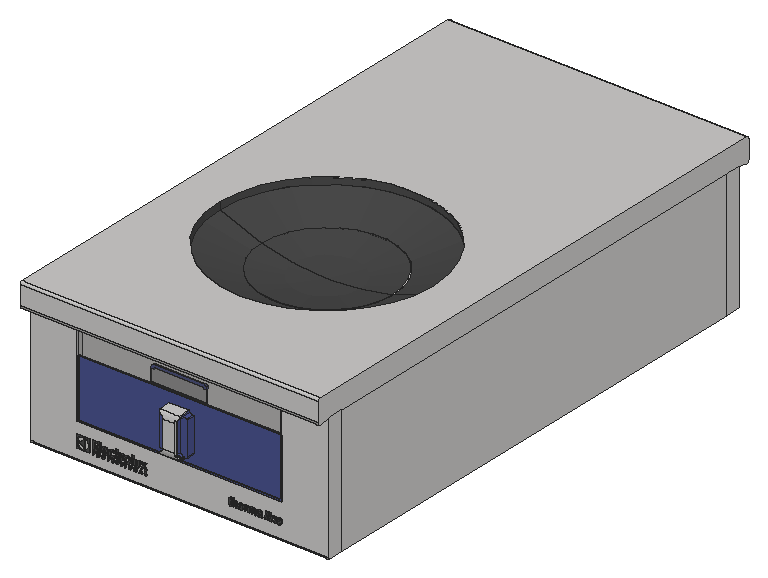
Revit family "QF_ELECTROLUXPROFESSIONAL_589034_MCIHAAEOAO", category Specialty Equipment, Revit 2023
Family settings
  Round Connector Dimension = Use Diameter
  Part Type = Normal
  Work Plane-Based = No
  Enable Cutting in Views = No
  Always vertical = Yes
  Cut with Voids When Loaded = Yes
  Maintain Annotation Orientation = No
  Shared = No
  Room Calculation Point = No
Parameters
  Weight in Pounds = 39.7
  Watts = 5000 VA  # 5000 W
  Volts = 400 V  # constant formula
  URL Cutsheet = ""
  Type Mark [instance] = ""
  Top Visibility [instance] = yes
  ThermaLine_Logo_Visible [instance] = yes
  Status [instance] = ""
  Specification by User [instance] = ""
  Specification by Manufacturer = ""
  Serial Number = ""
  Seismic Rating = ""
  SMACNA No = ""
  Revision Code [instance] = ""
  Phase = 3  # constant formula
  Omniclass Number and Title = ""
  Number of Poles [instance] = 1
  NAFEM Spec ID Number = ""
  Model = "589034"
  Min Ckt Ampacity = 0 A
  Max Overcurrent Protection = 0 A
  Masterspec = ""
  Manufacturer = "ELECTROLUX"
  Item Number [instance] = ""
  Installed By [instance] = ""
  Identify Quantity as Lot [instance] = yes
  HP = "6.7 HP"
  Furnished By [instance] = ""
  Foodservice Equipment Identifier [instance] = yes
  FL Amps [instance] = if(Phase = 3, Watts / (Volts * 1.73), Watts / Volts)  # 7.22543 A
  Electrolux_Logo_Visible [instance] = yes
  Electrical Remarks = "400 V/3N ph/50/60 Hz"  # constant formula
  Electric Connection Type [instance] = ""
  Elec Conn RI Height [instance] = 0 mm
  Elec Conn Connection Height [instance] = 0 mm
  Direct Waste Size = 0"
  Description = "INDUCTION WOK,1 ZONE,1-SIDE,500X900X250H"
  Default Elevation = 0 mm
  Cycle [instance] = if([60 Hertz Option], 60 Hz, 50 Hz)  # 60 Hz
  Conn Plug = ""
  Conn Conduit = yes
  CSI MasterFormat = ""
  CSI Master Format = ""
  Apparent Power [instance] = if(Phase = 3, Volts * FL Amps * 1.73, Volts * FL Amps)  # 5000 VA
  60 Hertz Option [instance] = not([50 Hertz Option])  # yes
  50 Hertz Option [instance] = no
Reference planes
  plane 1 "BACK": y = 0
  plane 2: z = 0
  plane 3 "LEFT": x = 0
  plane 4 "RIGHT": x = 500
  plane 5 "FRONT": y = -900
  plane 6 "TOP": z = 250
  plane 7: x = 250
  plane 8: y = -569.65
  plane 9: z = 582.185
  plane 10: x = 455
Forms (mm)
  Extrusion 1, solid, material "QF_Finishes_Stainless Steel", visible <- "Top Visibility"
    sketch origin (0, -487.128, 0) x (0, 1, 0) y (0, 0, 1)
      loop
        line (483.128, 250) -> (-408.872, 250)
        arc (-408.872, 250) -> (-411.7, 248.828) -> (-412.872, 246) r 4
        line (-412.872, 246) -> (-412.872, 214)
        arc (-412.872, 214) -> (-411.443, 210.936) -> (-408.177, 210.061) r 4
        line (-408.177, 210.061) -> (-391.509, 213) -> (465.765, 213) -> (482.433, 210.061)
        arc (482.433, 210.061) -> (485.699, 210.936) -> (487.128, 214) r 4
        line (487.128, 214) -> (487.128, 246)
        arc (487.128, 246) -> (485.956, 248.828) -> (483.128, 250) r 4
    from 0 to 500
  Extrusion 2, solid, material "QF_Finishes_Stainless Steel"
    sketch origin (0, 0, 0) x (0, 1, 0) y (0, 0, 1)
      loop
        line (-46, 0) -> (-20, 0) -> (-20, 213) -> (-46, 213) -> (-46, 0)
    from 0 to 500
  Extrusion 3, solid, material "QF_Finishes_Stainless Steel"
    sketch origin (0, -854, 0) x (1, 0, 0) y (0, -1, 0)
      loop
        circle (455, -169) r 6.35
    from 0 to 3.2
  Revolve 4, void
    sketch origin (-176.365, -569.65, 1219.2) x (-1, 0, 0) y (0, 0, 1)
      loop
        line (-426.365, -969.2) -> (-426.365, -1021.018)
        arc (-426.365, -1021.018) -> (-334.117, -1010.707) -> (-246.365, -980.45) r 421.407
        line (-246.365, -980.45) -> (-246.365, -969.2) -> (-426.365, -969.2)
      axis (-426.365, -969.2) -> (-426.365, -1021.018)
    angle from 0 to 360
  Extrusion 5, solid, material "QF_Finishes_Stainless Steel"
    sketch origin (0, -487.128, 0) x (0, 1, 0) y (0, 0, 1)
      loop
        line (-366.872, 213) -> (-366.872, 0) -> (441.128, 0) -> (441.128, 213) -> (-366.872, 213)
    from 0 to 500
  Revolve 6, void
    sketch origin (-176.365, -569.65, 1219.2) x (-1, 0, 0) y (0, 0, 1)
      loop
        line (-426.365, -969.2) -> (-426.365, -1021.018)
        arc (-426.365, -1021.018) -> (-334.117, -1010.707) -> (-246.365, -980.45) r 421.407
        line (-246.365, -980.45) -> (-246.365, -969.2) -> (-426.365, -969.2)
      axis (-426.365, -969.2) -> (-426.365, -1021.018)
    angle from 0 to 360
Cuts and joins
  Revolve 4, Revolve 6 cuts Extrusion 1
  Revolve 4, Revolve 6 cuts Extrusion 5
Lines and regions (mm)
  symbolic lines
    curve 1: line (0, 0, 0) -> (500, 0, 0)
    curve 2: line (0, -900, 0) -> (0, 0, 0)
    curve 3: line (500, -900, 0) -> (0, -900, 0)
    curve 4: line (500, 0, 0) -> (500, -900, 0)
    curve 5: arc (70, -569.65, 0) -> (250, -389.65, 0) -> (430, -569.65, 0) r 180
    curve 6: arc (430, -569.65, 0) -> (250, -749.65, 0) -> (70, -569.65, 0) r 180
Dimensions and locks
  plane 3 "LEFT" to plane 4 "RIGHT" = 500 mm
  plane 5 "FRONT" to plane 1 "BACK" = 900 mm
  equal spacing: plane 3 "LEFT", plane 7, plane 4 "RIGHT"
  plane 5 "FRONT" to plane 8 to plane 1 "BACK" = 330.35 mm, 569.65 mm
  plane 6 "TOP" to level = 250 mm  (x2)
  plane 1 "BACK" to plane 5 "FRONT" = 900 mm
  Extrusion 3 sketch curve to plane 1 "BACK" = 685 mm
  Extrusion 3 sketch curve to plane 4 "RIGHT" = 45 mm
  plane 1 "BACK" to Extrusion 3 = 685 mm
  plane 10 to plane 4 "RIGHT" = 45 mm
  aligned and locked: level to plane 2
  aligned and locked: Extrusion 2 to plane 4 "RIGHT"
  aligned and locked: plane 7 to nested 1
Automatic sketch dimensions
  Extrusion 1 sketch curve to plane 5 "FRONT" = 0 mm
  Extrusion 1 sketch curve to plane 6 "TOP" = 0 mm
  Extrusion 1 sketch curve to plane 1 "BACK" = 0 mm
  Extrusion 1 sketch curve to plane 6 "TOP" = 37 mm
  Extrusion 1 sketch curve to plane 5 "FRONT" = 4 mm
  Extrusion 1 sketch curve to plane 5 "FRONT" = 21.363 mm
  plane 1 "BACK" to Extrusion 1 sketch curve = 4 mm  (x2)
  Extrusion 1 sketch curve to Extrusion 1 sketch curve = 4 mm
  Extrusion 1 sketch curve to Extrusion 1 sketch curve = 0.695 mm
  Extrusion 1 sketch curve to Extrusion 1 sketch curve = 0 mm  (x4)
  plane 1 "BACK" to Extrusion 1 sketch curve = 4.695 mm
  Extrusion 1 sketch curve to Extrusion 1 sketch curve = 1 mm  (x2)
  Extrusion 2 sketch curve to level = 0 mm
  Extrusion 2 sketch curve to Extrusion 2 sketch curve = 26 mm
  Revolve 4 sketch curve to plane 7 = 0 mm  (x2)
  Revolve 4 sketch curve to plane 6 "TOP" = 0 mm
  Revolve 4 sketch curve to plane 6 "TOP" = 51.818 mm
  plane 3 "LEFT" to Revolve 4 sketch curve = 70 mm
  plane 7 to Revolve 4 sketch curve = 0.405 mm
  Revolve 4 sketch curve to Revolve 4 sketch curve = 11.25 mm
  Revolve 4 sketch curve to level = 215 mm
  plane 6 "TOP" to Revolve 4 sketch curve = 110 mm
  plane 1 "BACK" to curve 1 = 0 mm
  curve 1 to plane 4 "RIGHT" = 0 mm
  curve 2 to plane 3 "LEFT" = 0 mm
  plane 5 "FRONT" to curve 3 = 0 mm
  curve 5 to plane 8 = 0 mm
  curve 6 to plane 7 = 0 mm
  plane 10 to curve 5 = 25 mm
  plane 1 "BACK" to Extrusion 2 sketch curve = 20 mm
  Extrusion 2 sketch curve to plane 6 "TOP" = 37 mm
  Extrusion 5 sketch curve to level = 0 mm
  Extrusion 5 sketch curve to plane 5 "FRONT" = 46 mm
  plane 1 "BACK" to Extrusion 5 sketch curve = 46 mm
  Extrusion 5 sketch curve to plane 6 "TOP" = 37 mm
  Extrusion 1 sketch curve to Extrusion 1 sketch curve = 16.668 mm
  Revolve 6 sketch curve to plane 6 "TOP" = 0 mm
  Revolve 6 sketch curve to plane 7 = 0 mm  (x2)
  plane 7 to Revolve 6 sketch curve = 0.405 mm
  plane 3 "LEFT" to Revolve 6 sketch curve = 70 mm
  Revolve 6 sketch curve to Revolve 6 sketch curve = 11.25 mm
  Revolve 6 sketch curve to Revolve 6 sketch curve = 51.818 mm
  Revolve 6 sketch curve to level = 215 mm
  plane 6 "TOP" to Revolve 6 sketch curve = 110 mm
  radius of Extrusion 3 sketch curve = 6.35 mm
Nested families
  nested 1: "IW_900_500 Panel Single Centered" at (250, -854, -651.71), type "IW_900_500 Panel Single Centered"
  nested 2: "ELX_Professional_Logo_Small" at (137.486, -879, 30) x (1, 0, 0) z (0, -1, 0), visible <- "Electrolux_Logo_Visible", type "ELX_Professional_Logo_Small"
    with Show Logo yes, Material_Logo QF_Finishes_Black
  nested 3: "ELX_ThermaLine_Small" at (373.407, -879, 30) x (1, 0, 0) z (0, -1, 0), visible <- "ThermaLine_Logo_Visible", type "ELX_ThermaLine_Small"
    with Show Logo yes, Material_Logo QF_Finishes_Black
Connectors
  electrical at (455, -685, -3.2), driven by "Volts", driven by "Watts"
    settings: on Extrusion 3, index 1, voltage 400 V, apparent load 5000 VA, apparent load phase1 0 VA, apparent load phase2 0 VA, apparent load phase3 0 VA, power factor 1, load classification "Other", number of poles 1, system type 30, power factor state 1, is connector primary yes, connector utility no, sub classification motor no, connector description "ELECTRICAL CONNECTION"
Definition of nested family "IW_900_500 Panel Single Centered"
  Parameters (values of type "IW_900_500 Panel Single Centered")
    Default Elevation = 0 mm
  Reference planes
    plane 1 "Center (Front/Back)": y = 0
    plane 2: z = 0
    plane 3 "Center (Left/Right)": x = 0
  Forms (mm)
    Extrusion 1, solid
      sketch origin (833.217, 829.203, -1.25) x (0, 1, 0) y (0, 0, 1)
        loop
          arc (-854.203, 655.96) -> (-853.324, 653.839) -> (-851.203, 652.96) r 3
          line (-851.203, 652.96) -> (-829.203, 652.96) -> (-829.203, 865.96) -> (-854.203, 865.96) -> (-854.203, 655.96)
      from -1083.217 to -583.217
    Extrusion 2, void
      sketch origin (33.217, 829.203, 0.636) x (1, 0, 0) y (0, 0, 1)
        loop
          line (-205.217, 852.364) -> (-205.217, 710.364) -> (138.783, 710.364) -> (138.783, 852.364) -> (-205.217, 852.364)
      from 843.409 to 854.203
  Cuts and joins
    Extrusion 2 cuts Extrusion 1
  Lines and regions (mm)
    symbolic lines
      curve 1: line (16.108, -48.326, 0) -> (16.108, -46, 0)
      curve 2: spline (10.439, -49.73, 0) -> (10.918, -49.657, 0) -> (11.396, -49.575, 0) -> (11.873, -49.486, 0) -> (12.349, -49.389, 0) -> (12.823, -49.283, 0) -> (13.297, -49.17, 0) -> (13.769, -49.049, 0) -> (14.24, -48.92, 0) -> (14.71, -48.783, 0) -> (15.177, -48.638, 0) -> (15.643, -48.486, 0) -> (16.108, -48.326, 0)
      curve 3: line (-16.108, -48.326, 0) -> (-16.108, -46, 0)
      curve 4: spline (-16.108, -48.326, 0) -> (-15.643, -48.486, 0) -> (-15.177, -48.638, 0) -> (-14.71, -48.783, 0) -> (-14.24, -48.92, 0) -> (-13.769, -49.049, 0) -> (-13.297, -49.17, 0) -> (-12.823, -49.283, 0) -> (-12.349, -49.389, 0) -> (-11.873, -49.486, 0) -> (-11.396, -49.575, 0) -> (-10.918, -49.657, 0) -> (-10.439, -49.73, 0)
      curve 5: line (10.439, -49.73, 0) -> (-10.439, -49.73, 0)
  Dimensions and locks
    cut or joined group of Extrusion 1, Extrusion 2 to cut or joined group of Extrusion 1, Extrusion 2 = 500 mm  (x2)
    equal spacing: cut or joined group of Extrusion 1, Extrusion 2, nested 1, cut or joined group of Extrusion 1, Extrusion 2
    cut or joined group of Extrusion 1, Extrusion 2 to cut or joined group of Extrusion 1, Extrusion 2 = 213 mm
    aligned and locked: nested 1 to cut or joined group of Extrusion 1, Extrusion 2
  Automatic sketch dimensions
    curve 3 to plane 3 "Center (Left/Right)" = 16.108 mm
    plane 3 "Center (Left/Right)" to curve 5 = 10.439 mm
    plane 1 "Center (Front/Back)" to curve 5 = 49.73 mm
    curve 3 to curve 5 = 5.669 mm
    curve 5 to curve 1 = 5.669 mm
    curve 5 to curve 4 = 4.17 mm
    plane 3 "Center (Left/Right)" to curve 2 = 6.269 mm
    curve 5 to curve 1 = 1.405 mm
    curve 4 to curve 3 = 1.405 mm
    curve 2 to curve 2 = 0.302 mm
    curve 4 to curve 5 = 0.302 mm
    curve 1 to curve 1 = 2.326 mm
    curve 4 to curve 3 = 2.326 mm
    Extrusion 1 sketch curve to plane 1 "Center (Front/Back)" = 0 mm
    level to Extrusion 1 sketch curve = 651.71 mm
    Extrusion 1 sketch curve to Extrusion 1 sketch curve = 22 mm
    Extrusion 1 sketch curve to Extrusion 1 sketch curve = 3 mm
    Extrusion 1 sketch curve to Extrusion 1 sketch curve = 210 mm
    Extrusion 2 sketch curve to plane 3 "Center (Left/Right)" = 172 mm
    level to Extrusion 2 sketch curve = 711 mm
    plane 3 "Center (Left/Right)" to Extrusion 2 sketch curve = 172 mm
    Extrusion 2 sketch curve to Extrusion 2 sketch curve = 142 mm
  Nested families
    nested 1: "glass conrol panel One Right Side" at (0, 279.791, 1.886), type "glass conrol panel One Right Side"
    nested 2: "Range Control Handle" at (0, -27.043, -209.113), type "Range Control Handle"
  Definition of nested family "glass conrol panel One Right Side"
    Parameters
      Default Elevation = 0 mm
    Reference planes
      plane 1 "Center (Front/Back)": y = 0
      plane 2: z = 0
      plane 3 "Center (Left/Right)": x = 0
    Forms (mm)
      Extrusion 1, solid
        sketch origin (378.286, 0, 0.617) x (1, 0, 0) y (0, 0, 1)
          loop
            line (-550.286, 806.791) -> (-550.286, 708.497) -> (-206.286, 708.497) -> (-206.286, 806.791) -> (-550.286, 806.791)
        from 300.031 to 304.8
      Extrusion 2, solid
        sketch origin (378.286, 0, 0.617) x (1, 0, 0) y (0, 0, 1)
          loop
            line (-550.286, 850.497) -> (-550.286, 806.791) -> (-206.286, 806.791) -> (-206.286, 850.497) -> (-550.286, 850.497)
        from 300.031 to 304.8
      Extrusion 3, solid
        sketch origin (308.333, 1.101, -0.633) x (1, 0, 0) y (0, 0, 1)
          loop
            line (-261.431, 812.62) -> (-261.431, 834.177) -> (-266.24, 834.177) -> (-268.039, 835.977) -> (-348.469, 835.977) -> (-350.269, 834.177) -> (-355.186, 834.177) -> (-355.186, 812.62) -> (-261.431, 812.62)
        from 304.798 to 306.745
      Extrusion 4, solid
        sketch origin (308.333, 1.101, -0.633) x (1, 0, 0) y (0, 0, 1)
          loop
            line (-350.269, 834.177) -> (-348.469, 835.977) -> (-268.039, 835.977) -> (-266.24, 834.177) -> (-261.529, 834.177)
            arc (-261.529, 834.177) -> (-262.706, 838.752) -> (-266.98, 840.763) r 5.549
            line (-266.98, 840.763) -> (-349.686, 840.763)
            arc (-349.686, 840.763) -> (-353.942, 838.747) -> (-355.078, 834.177) r 5.5
            line (-355.078, 834.177) -> (-350.269, 834.177)
        from 304.798 to 306.745
      Extrusion 5, void
        sketch origin (378.286, 0, 0.617) x (1, 0, 0) y (0, 0, 1)
          loop
            line (-547.628, 847.565) -> (-547.628, 710.699) -> (-209.196, 710.699) -> (-209.196, 847.565) -> (-547.628, 847.565)
        from 303.697 to 304.8
    Cuts and joins
      Extrusion 5 cuts Extrusion 2
      Extrusion 5 cuts Extrusion 1
    Dimensions and locks
      aligned and locked: Extrusion 1 to Extrusion 2
      aligned and locked: Extrusion 4 sketch curve to Extrusion 3  (x4)
      aligned and locked: Extrusion 3 to Extrusion 4 sketch curve
      aligned and locked: Extrusion 4 to Extrusion 3
  Definition of nested family "Range Control Handle"
    Parameters (values of type "Range Control Handle")
      Default Elevation = 0 mm
    Reference planes
      plane 1 "Center (Front/Back)": y = 0
      plane 2: z = 0
      plane 3 "Center (Left/Right)": x = 0
      plane 4: z = 971.092
      plane 5: y = -16.9
    Forms (mm)
      Extrusion 1, solid
        sketch origin (-746.28, 380.497, 208.931) x (-1, 0, 0) y (0, 0, 1)
          loop
            line (-770.101, 786.798) -> (-770.101, 731.649)
            arc (-770.101, 731.649) -> (-769.759, 730.563) -> (-768.855, 729.87) r 1.893
            line (-768.855, 729.87) -> (-763.474, 727.911) -> (-729.81, 727.911) -> (-724.428, 729.87)
            arc (-724.428, 729.87) -> (-723.525, 730.563) -> (-723.183, 731.649) r 1.893
            line (-723.183, 731.649) -> (-723.183, 786.798)
            arc (-723.183, 786.798) -> (-723.529, 787.894) -> (-724.44, 788.593) r 1.91
            line (-724.44, 788.593) -> (-729.683, 790.819) -> (-763.601, 790.819) -> (-768.844, 788.593)
            arc (-768.844, 788.593) -> (-769.755, 787.894) -> (-770.101, 786.798) r 1.91
        from -397.397 to -378.852
      Sweep 2, solid
        path origin (-746.788, 380.496, 208.091) x (0, -1, 0) y (0, 0, 1)
          loop
            line (379.775, 793.281) -> (395.661, 791.048)
            arc (395.661, 791.048) -> (397.781, 787.377) -> (398.517, 783.202) r 12.207
            line (398.517, 783.202) -> (398.517, 737.368)
            arc (398.517, 737.368) -> (397.781, 733.193) -> (395.661, 729.522) r 12.207
            line (395.661, 729.522) -> (379.775, 727.289)
        profile origin (-746.788, -7.222, 1000.256) x (0, -0.139173, 0.990268) y (-1, 0, 0)
          loop
            line (0.782, -763.123) -> (0.782, -730.907) -> (-1.322, -730.907) -> (-1.322, -763.123) -> (0.782, -763.123)
      Sweep 3, solid
        path origin (-746.788, 380.715, 207.832) x (0, -1, 0) y (0, 0, 1)
          loop
            line (380.478, 795.442) -> (397.218, 793.09)
            arc (397.218, 793.09) -> (399.929, 788.473) -> (400.871, 783.202) r 15.207
            line (400.871, 783.202) -> (400.871, 737.584)
            arc (400.871, 737.584) -> (399.914, 732.274) -> (397.164, 727.633) r 15.207
            line (397.164, 727.633) -> (380.601, 725.305)
        profile origin (-746.788, -8.132, 1002.099) x (0, -0.139173, 0.990268) y (-1, 0, 0)
          loop
            line (0.782, -763.123) -> (0.782, -730.907) -> (-1.322, -730.907) -> (-1.322, -763.123) -> (0.782, -763.123)
      Extrusion 4, void
        sketch origin (889.253, 220.666, 207.993) x (1, 0, 0) y (0, 0, 1)
          loop
            line (-943.038, 816.854) -> (-943.038, 703.686) -> (-899.466, 734.196) -> (-899.466, 786.344) -> (-943.038, 816.854)
        from 230.636 to 242.25
      Extrusion 5, void
        sketch origin (-888.8, 220.666, 207.993) x (-1, 0, 0) y (0, 0, -1)
          loop
            line (-943.038, -816.854) -> (-899.466, -786.344) -> (-899.466, -734.196) -> (-943.038, -703.686) -> (-943.038, -816.854)
        from 230.636 to 242.25
      Extrusion 6, solid
        sketch origin (0, 0, 0) x (1, 0, 0) y (0, 0, 1)
          loop
            circle (0, 971.092) r 7.736
        from -3.137 to -1.645
    Cuts and joins
      Extrusion 4, Extrusion 5 cuts Sweep 3
      Extrusion 4, Extrusion 5 cuts Sweep 2
      Extrusion 4, Extrusion 5 cuts Extrusion 1
      joined: Extrusion 1, Extrusion 6
    Lines and regions (mm)
      symbolic lines
        curve 1: line (16.334, -16.9, 0) -> (16.334, -19.227, 0)
        curve 2: spline (16.334, -19.227, 0) -> (15.87, -19.385, 0) -> (15.404, -19.536, 0) -> (14.936, -19.678, 0) -> (14.466, -19.813, 0) -> (13.995, -19.94, 0) -> (13.523, -20.059, 0) -> (13.049, -20.171, 0) -> (12.575, -20.274, 0) -> (12.099, -20.37, 0) -> (11.622, -20.458, 0) -> (11.144, -20.537, 0) -> (10.666, -20.609, 0)
        curve 3: line (10.666, -16.9, 0) -> (10.666, -20.938, 0)
        curve 4: line (-10.213, -20.938, 0) -> (10.666, -20.938, 0)
        curve 5: line (-10.213, -20.938, 0) -> (-10.213, -16.9, 0)
        curve 6: spline (-10.213, -20.609, 0) -> (-10.691, -20.537, 0) -> (-11.169, -20.458, 0) -> (-11.646, -20.37, 0) -> (-12.122, -20.274, 0) -> (-12.597, -20.171, 0) -> (-13.07, -20.059, 0) -> (-13.542, -19.94, 0) -> (-14.013, -19.813, 0) -> (-14.483, -19.678, 0) -> (-14.951, -19.536, 0) -> (-15.417, -19.385, 0) -> (-15.881, -19.227, 0)
        curve 7: line (-15.881, -19.227, 0) -> (-15.881, -16.9, 0)
Definition of nested family "ELX_Professional_Logo_Small"
  Parameters (values of type "ELX_Professional_Logo_Small")
    Show Logo [instance] = yes
    Material_Logo [instance] = none
    Default Elevation = 0 mm
  Reference planes
    plane 1 "Centro (Fronte/Retro)": y = 0
    plane 2: z = 0
    plane 3 "Centro (Sinistra/Destra)": x = 0
  Forms (mm)
    Extrusion 1, solid
      sketch origin (0, 0, 0) x (1, 0, 0) y (0, 1, 0)
        loop
          line (-1219.2, 1219.2) -> (-1219.2, -1219.2) -> (1219.2, -1219.2) -> (1219.2, 1219.2) -> (-1219.2, 1219.2)
      from 0 to -304.8
    Extrusion 2, solid, material <- "Material_Logo"
      sketch origin (15.5, 0, 0) x (1, 0, 0) y (0, 1, 0)
        loop
          spline (-42.99, -1.24) -> (-43.195, -1.231) -> (-43.415, -1.203) -> (-43.642, -1.152) -> (-43.87, -1.074) -> (-44.095, -0.966) -> (-44.309, -0.825) -> (-44.506, -0.647) -> (-44.681, -0.429) -> (-44.828, -0.167) -> (-44.94, 0.142) -> (-45.011, 0.501) -> (-45.037, 0.915)
          line (-45.037, 0.915) -> (-45.037, 2.748) -> (-38.984, 2.748) -> (-38.984, 5.086) -> (-45.038, 5.086) -> (-45.038, 8.489) -> (-38.599, 8.489) -> (-38.599, 10.82) -> (-47.515, 10.82) -> (-47.515, 1.021)
          spline (-47.515, 1.021) -> (-47.493, 0.418) -> (-47.425, -0.15) -> (-47.311, -0.682) -> (-47.15, -1.175) -> (-46.939, -1.628) -> (-46.678, -2.038) -> (-46.365, -2.404) -> (-46, -2.723) -> (-45.58, -2.995) -> (-45.105, -3.216) -> (-44.573, -3.385) -> (-43.983, -3.499)
          line (-43.983, -3.499) -> (-43.01, -3.569) -> (-38.426, -3.569) -> (-38.426, -1.24) -> (-42.99, -1.24)
        loop
          line (-36.666, 4.021) -> (-36.666, -3.573) -> (-34.188, -3.573) -> (-34.188, 10.824) -> (-36.666, 10.824) -> (-36.666, 4.021)
        loop
          spline (-21.915, 1.897) -> (-21.957, 2.615) -> (-22.082, 3.303) -> (-22.285, 3.955) -> (-22.563, 4.564) -> (-22.913, 5.124) -> (-23.331, 5.629) -> (-23.814, 6.074) -> (-24.359, 6.451) -> (-24.961, 6.755) -> (-25.618, 6.98) -> (-26.326, 7.119) -> (-27.081, 7.167)
          spline (-27.081, 7.167) -> (-27.853, 7.122) -> (-28.586, 6.99) -> (-29.275, 6.774) -> (-29.915, 6.478) -> (-30.5, 6.104) -> (-31.024, 5.657) -> (-31.483, 5.138) -> (-31.871, 4.553) -> (-32.182, 3.904) -> (-32.411, 3.194) -> (-32.552, 2.427) -> (-32.6, 1.606)
          spline (-32.6, 1.606) -> (-32.553, 0.805) -> (-32.416, 0.057) -> (-32.193, -0.637) -> (-31.887, -1.271) -> (-31.504, -1.843) -> (-31.048, -2.35) -> (-30.523, -2.788) -> (-29.934, -3.154) -> (-29.284, -3.444) -> (-28.579, -3.656) -> (-27.822, -3.785) -> (-27.019, -3.829)
          spline (-27.019, -3.829) -> (-26.627, -3.82) -> (-26.239, -3.79) -> (-25.856, -3.739) -> (-25.477, -3.663) -> (-25.103, -3.562) -> (-24.734, -3.432) -> (-24.369, -3.273) -> (-24.01, -3.082) -> (-23.655, -2.858) -> (-23.305, -2.597) -> (-22.96, -2.299) -> (-22.621, -1.962)
          line (-22.621, -1.962) -> (-24.114, -0.509)
          spline (-24.114, -0.509) -> (-24.311, -0.699) -> (-24.509, -0.872) -> (-24.71, -1.03) -> (-24.915, -1.172) -> (-25.126, -1.297) -> (-25.346, -1.407) -> (-25.576, -1.5) -> (-25.817, -1.576) -> (-26.072, -1.636) -> (-26.342, -1.678) -> (-26.629, -1.704) -> (-26.936, -1.713)
          spline (-26.936, -1.713) -> (-27.384, -1.691) -> (-27.805, -1.625) -> (-28.196, -1.518) -> (-28.556, -1.372) -> (-28.882, -1.187) -> (-29.174, -0.966) -> (-29.429, -0.71) -> (-29.645, -0.422) -> (-29.821, -0.102) -> (-29.955, 0.247) -> (-30.045, 0.623) -> (-30.089, 1.026)
          line (-30.089, 1.026) -> (-21.956, 1.026) -> (-21.915, 1.897)
        loop
          spline (-24.446, 2.769) -> (-24.47, 3.075) -> (-24.54, 3.37) -> (-24.654, 3.65) -> (-24.807, 3.913) -> (-24.996, 4.156) -> (-25.219, 4.376) -> (-25.472, 4.57) -> (-25.753, 4.736) -> (-26.057, 4.869) -> (-26.382, 4.968) -> (-26.724, 5.03) -> (-27.081, 5.051)
          spline (-27.081, 5.051) -> (-27.464, 5.03) -> (-27.832, 4.97) -> (-28.183, 4.872) -> (-28.513, 4.74) -> (-28.819, 4.577) -> (-29.099, 4.384) -> (-29.347, 4.165) -> (-29.563, 3.923) -> (-29.742, 3.659) -> (-29.881, 3.377) -> (-29.977, 3.079) -> (-30.027, 2.769)
          line (-30.027, 2.769) -> (-24.446, 2.769)
        loop
          spline (-18.167, 1.669) -> (-18.138, 2.13) -> (-18.055, 2.567) -> (-17.921, 2.978) -> (-17.739, 3.358) -> (-17.512, 3.705) -> (-17.243, 4.016) -> (-16.937, 4.287) -> (-16.596, 4.517) -> (-16.223, 4.7) -> (-15.823, 4.835) -> (-15.398, 4.919) -> (-14.951, 4.947)
          spline (-14.951, 4.947) -> (-14.677, 4.938) -> (-14.414, 4.913) -> (-14.162, 4.871) -> (-13.921, 4.812) -> (-13.69, 4.738) -> (-13.467, 4.649) -> (-13.254, 4.544) -> (-13.048, 4.424) -> (-12.85, 4.291) -> (-12.659, 4.143) -> (-12.474, 3.981) -> (-12.295, 3.806)
          line (-12.295, 3.806) -> (-10.76, 5.403)
          spline (-10.76, 5.403) -> (-11.065, 5.709) -> (-11.38, 5.984) -> (-11.703, 6.228) -> (-12.035, 6.443) -> (-12.375, 6.63) -> (-12.723, 6.788) -> (-13.078, 6.92) -> (-13.44, 7.026) -> (-13.809, 7.107) -> (-14.184, 7.164) -> (-14.564, 7.198) -> (-14.951, 7.209)
          spline (-14.951, 7.209) -> (-15.725, 7.161) -> (-16.467, 7.02) -> (-17.169, 6.792) -> (-17.826, 6.482) -> (-18.43, 6.096) -> (-18.976, 5.637) -> (-19.455, 5.112) -> (-19.862, 4.525) -> (-20.19, 3.882) -> (-20.433, 3.189) -> (-20.584, 2.449) -> (-20.635, 1.669)
          spline (-20.635, 1.669) -> (-20.584, 0.889) -> (-20.433, 0.149) -> (-20.19, -0.545) -> (-19.862, -1.187) -> (-19.455, -1.774) -> (-18.976, -2.299) -> (-18.43, -2.758) -> (-17.826, -3.145) -> (-17.169, -3.454) -> (-16.467, -3.682) -> (-15.725, -3.823) -> (-14.951, -3.871)
          spline (-14.951, -3.871) -> (-14.564, -3.86) -> (-14.184, -3.826) -> (-13.809, -3.77) -> (-13.44, -3.689) -> (-13.078, -3.583) -> (-12.723, -3.451) -> (-12.375, -3.292) -> (-12.035, -3.105) -> (-11.703, -2.89) -> (-11.38, -2.646) -> (-11.065, -2.371) -> (-10.76, -2.066)
          line (-10.76, -2.066) -> (-12.295, -0.468)
          spline (-12.295, -0.468) -> (-12.474, -0.643) -> (-12.659, -0.805) -> (-12.85, -0.953) -> (-13.048, -1.087) -> (-13.254, -1.206) -> (-13.467, -1.311) -> (-13.69, -1.4) -> (-13.921, -1.475) -> (-14.162, -1.533) -> (-14.414, -1.575) -> (-14.677, -1.6) -> (-14.951, -1.609)
          spline (-14.951, -1.609) -> (-15.398, -1.581) -> (-15.823, -1.497) -> (-16.223, -1.362) -> (-16.596, -1.179) -> (-16.937, -0.95) -> (-17.243, -0.678) -> (-17.512, -0.367) -> (-17.739, -0.02) -> (-17.921, 0.36) -> (-18.055, 0.771) -> (-18.138, 1.208) -> (-18.167, 1.669)
        loop
          spline (-4.441, -1.243) -> (-4.659, -1.247) -> (-4.894, -1.23) -> (-5.137, -1.19) -> (-5.384, -1.121) -> (-5.628, -1.021) -> (-5.864, -0.884) -> (-6.084, -0.708) -> (-6.283, -0.488) -> (-6.454, -0.219) -> (-6.592, 0.101) -> (-6.69, 0.478) -> (-6.742, 0.914)
          line (-6.742, 0.914) -> (-6.742, 4.587) -> (-4.487, 4.587) -> (-4.487, 6.838) -> (-6.738, 6.838) -> (-6.738, 10.824) -> (-9.217, 10.824) -> (-9.217, 0.773)
          spline (-9.217, 0.773) -> (-9.164, 0.19) -> (-9.068, -0.358) -> (-8.928, -0.87) -> (-8.742, -1.343) -> (-8.511, -1.777) -> (-8.232, -2.168) -> (-7.904, -2.515) -> (-7.527, -2.816) -> (-7.098, -3.069) -> (-6.618, -3.273) -> (-6.084, -3.426) -> (-5.496, -3.525)
          line (-5.496, -3.525) -> (-4.45, -3.573) -> (-4.441, -1.243)
        loop
          spline (3.898, 6.983) -> (3.469, 7.009) -> (3.056, 7.001) -> (2.661, 6.961) -> (2.283, 6.888) -> (1.925, 6.785) -> (1.588, 6.652) -> (1.272, 6.49) -> (0.979, 6.301) -> (0.71, 6.085) -> (0.465, 5.844) -> (0.247, 5.578) -> (0.056, 5.289)
          line (0.056, 5.289) -> (0.056, 6.838) -> (-2.402, 6.838) -> (-2.402, -3.572) -> (0.056, -3.572) -> (0.056, 1.901)
          spline (0.056, 1.901) -> (0.079, 2.316) -> (0.145, 2.703) -> (0.254, 3.06) -> (0.404, 3.386) -> (0.592, 3.679) -> (0.818, 3.938) -> (1.08, 4.162) -> (1.375, 4.348) -> (1.703, 4.495) -> (2.062, 4.602) -> (2.45, 4.668) -> (2.865, 4.69)
          line (2.865, 4.69) -> (3.898, 4.586) -> (3.898, 6.983)
        loop
          spline (15.638, 1.633) -> (15.586, 2.396) -> (15.435, 3.124) -> (15.192, 3.81) -> (14.863, 4.449) -> (14.455, 5.034) -> (13.975, 5.56) -> (13.43, 6.021) -> (12.826, 6.411) -> (12.17, 6.724) -> (11.469, 6.955) -> (10.729, 7.098) -> (9.958, 7.147)
          spline (9.958, 7.147) -> (9.182, 7.098) -> (8.44, 6.955) -> (7.737, 6.724) -> (7.081, 6.411) -> (6.477, 6.021) -> (5.933, 5.56) -> (5.454, 5.034) -> (5.048, 4.449) -> (4.721, 3.81) -> (4.479, 3.124) -> (4.329, 2.396) -> (4.277, 1.633)
          spline (4.277, 1.633) -> (4.329, 0.869) -> (4.479, 0.141) -> (4.721, -0.544) -> (5.048, -1.183) -> (5.454, -1.768) -> (5.933, -2.294) -> (6.477, -2.755) -> (7.081, -3.145) -> (7.737, -3.459) -> (8.44, -3.69) -> (9.182, -3.833) -> (9.958, -3.882)
          spline (9.958, -3.882) -> (10.729, -3.833) -> (11.469, -3.69) -> (12.17, -3.459) -> (12.826, -3.145) -> (13.43, -2.755) -> (13.975, -2.294) -> (14.455, -1.768) -> (14.863, -1.183) -> (15.192, -0.544) -> (15.435, 0.141) -> (15.586, 0.869) -> (15.638, 1.633)
        loop
          spline (13.18, 1.633) -> (13.151, 2.083) -> (13.067, 2.513) -> (12.932, 2.918) -> (12.748, 3.296) -> (12.52, 3.642) -> (12.251, 3.954) -> (11.943, 4.227) -> (11.601, 4.459) -> (11.228, 4.645) -> (10.828, 4.782) -> (10.403, 4.867) -> (9.958, 4.896)
          spline (9.958, 4.896) -> (9.509, 4.867) -> (9.081, 4.782) -> (8.679, 4.645) -> (8.306, 4.459) -> (7.964, 4.227) -> (7.658, 3.954) -> (7.39, 3.642) -> (7.163, 3.296) -> (6.981, 2.918) -> (6.847, 2.513) -> (6.765, 2.083) -> (6.736, 1.633)
          spline (6.736, 1.633) -> (6.765, 1.182) -> (6.847, 0.753) -> (6.981, 0.347) -> (7.163, -0.031) -> (7.39, -0.377) -> (7.658, -0.689) -> (7.964, -0.962) -> (8.306, -1.193) -> (8.679, -1.38) -> (9.081, -1.517) -> (9.509, -1.602) -> (9.958, -1.631)
          spline (9.958, -1.631) -> (10.403, -1.602) -> (10.828, -1.517) -> (11.228, -1.38) -> (11.601, -1.193) -> (11.943, -0.962) -> (12.251, -0.689) -> (12.52, -0.377) -> (12.748, -0.031) -> (12.932, 0.347) -> (13.067, 0.753) -> (13.151, 1.182) -> (13.18, 1.633)
        loop
          line (17.162, 4.269) -> (17.162, -3.573) -> (19.642, -3.573) -> (19.642, 10.824) -> (17.162, 10.824) -> (17.162, 4.269)
        loop
          line (28.581, 6.838) -> (28.581, 0.786)
          spline (28.581, 0.786) -> (28.561, 0.393) -> (28.503, 0.038) -> (28.409, -0.279) -> (28.281, -0.559) -> (28.122, -0.802) -> (27.933, -1.011) -> (27.717, -1.185) -> (27.476, -1.325) -> (27.213, -1.433) -> (26.929, -1.509) -> (26.626, -1.554) -> (26.308, -1.569)
          spline (26.308, -1.569) -> (25.99, -1.554) -> (25.688, -1.509) -> (25.404, -1.434) -> (25.141, -1.326) -> (24.9, -1.187) -> (24.684, -1.014) -> (24.496, -0.807) -> (24.336, -0.565) -> (24.209, -0.288) -> (24.115, 0.026) -> (24.057, 0.376) -> (24.037, 0.765)
          line (24.037, 0.765) -> (24.037, 6.838) -> (21.537, 6.838) -> (21.537, 0.558)
          spline (21.537, 0.558) -> (21.581, -0.153) -> (21.71, -0.8) -> (21.916, -1.384) -> (22.195, -1.904) -> (22.54, -2.362) -> (22.944, -2.757) -> (23.403, -3.09) -> (23.909, -3.362) -> (24.456, -3.572) -> (25.04, -3.722) -> (25.652, -3.811) -> (26.288, -3.841)
          spline (26.288, -3.841) -> (26.929, -3.811) -> (27.547, -3.72) -> (28.135, -3.568) -> (28.687, -3.355) -> (29.197, -3.079) -> (29.66, -2.741) -> (30.068, -2.341) -> (30.415, -1.877) -> (30.696, -1.349) -> (30.905, -0.757) -> (31.034, -0.101) -> (31.079, 0.621)
          line (31.079, 0.621) -> (31.079, 6.838) -> (28.581, 6.838)
        loop
          line (40.457, -0.243) -> (38.894, 1.942) -> (40.83, 4.579) -> (42.488, 6.837) -> (39.782, 6.837) -> (37.53, 3.719) -> (35.258, 6.837) -> (32.573, 6.837) -> (34.113, 4.731) -> (36.167, 1.922) -> (34.014, -1.076) -> (32.222, -3.573) -> (34.887, -3.573) -> (37.53, 0.104) -> (40.174, -3.573) -> (42.839, -3.573) -> (40.457, -0.243)
        loop
          line (-46.121, -5.837) -> (-48.039, -5.837) -> (-48.039, -10.814) -> (-47.016, -10.814) -> (-47.016, -9.128) -> (-46.121, -9.128)
          arc (-46.121, -9.128) -> (-44.476, -7.482) -> (-46.121, -5.837) r 1.645
        loop
          line (-46.163, -6.778) -> (-47.016, -6.778) -> (-47.016, -8.187) -> (-46.163, -8.187)
          arc (-46.163, -8.187) -> (-45.458, -7.482) -> (-46.163, -6.778) r 0.704
        loop
          line (-38.313, -5.837) -> (-40.265, -5.837) -> (-40.265, -10.814) -> (-39.241, -10.814) -> (-39.241, -9.1) -> (-38.46, -9.182) -> (-37.48, -10.814) -> (-36.318, -10.814) -> (-37.513, -8.848)
          arc (-37.513, -8.848) -> (-36.888, -8.266) -> (-36.671, -7.441) r 1.536
          arc (-36.671, -7.441) -> (-37.165, -6.305) -> (-38.313, -5.837) r 1.643
        loop
          arc (-38.402, -8.166) -> (-37.707, -7.505) -> (-38.334, -6.778) r 0.696
          line (-38.334, -6.778) -> (-39.241, -6.778) -> (-39.241, -8.166) -> (-38.402, -8.166)
        loop
          circle (-29.965, -8.325) r 2.585
        loop
          circle (-29.965, -8.325) r 1.64
        loop
          line (-23.1, -5.837) -> (-23.1, -10.814) -> (-22.076, -10.814) -> (-22.076, -8.768) -> (-20.204, -8.768) -> (-20.204, -7.828) -> (-22.076, -7.828) -> (-22.076, -6.778) -> (-20.024, -6.778) -> (-20.024, -5.837) -> (-23.1, -5.837)
        loop
          line (-15.802, -5.837) -> (-15.802, -9.2)
          arc (-15.802, -9.2) -> (-15.343, -10.34) -> (-14.209, -10.814) r 1.593
          line (-14.209, -10.814) -> (-12.602, -10.814) -> (-12.602, -10.027) -> (-14.004, -10.027)
          arc (-14.004, -10.027) -> (-14.552, -9.8) -> (-14.779, -9.252) r 0.775
          line (-14.779, -9.252) -> (-14.779, -8.424) -> (-12.789, -8.424) -> (-12.789, -7.642) -> (-14.779, -7.642) -> (-14.779, -6.778) -> (-12.651, -6.778) -> (-12.651, -5.837) -> (-15.802, -5.837)
        loop
          line (-5.909, -7.143) -> (-5.173, -6.638)
          arc (-5.173, -6.638) -> (-5.855, -5.974) -> (-6.781, -5.755) r 1.782
          arc (-6.781, -5.755) -> (-7.397, -5.878) -> (-7.944, -6.189) r 1.974
          arc (-7.944, -6.189) -> (-8.202, -6.5) -> (-8.317, -6.888) r 1.013
          arc (-8.317, -6.888) -> (-8.306, -7.341) -> (-8.192, -7.78) r 1.985
          arc (-8.192, -7.78) -> (-7.749, -8.259) -> (-7.171, -8.563) r 1.928
          arc (-7.171, -8.563) -> (-6.637, -8.779) -> (-6.131, -9.056) r 5.041
          arc (-6.131, -9.056) -> (-5.934, -9.387) -> (-6.09, -9.74) r 0.42
          arc (-6.09, -9.74) -> (-6.631, -9.96) -> (-7.204, -9.845) r 1.016
          arc (-7.204, -9.845) -> (-7.625, -9.603) -> (-7.889, -9.196) r 1.033
          line (-7.889, -9.196) -> (-8.67, -9.686)
          arc (-8.67, -9.686) -> (-8.361, -10.198) -> (-7.908, -10.589) r 1.914
          arc (-7.908, -10.589) -> (-7.334, -10.834) -> (-6.714, -10.896) r 2.063
          arc (-6.714, -10.896) -> (-5.947, -10.743) -> (-5.256, -10.376) r 2.696
          arc (-5.256, -10.376) -> (-4.95, -9.565) -> (-5.108, -8.712) r 1.618
          arc (-5.108, -8.712) -> (-5.448, -8.319) -> (-5.884, -8.035) r 1.876
          arc (-5.884, -8.035) -> (-6.434, -7.789) -> (-6.999, -7.577) r 9.883
          arc (-6.999, -7.577) -> (-7.325, -7.07) -> (-6.854, -6.694) r 0.45
          arc (-6.854, -6.694) -> (-6.329, -6.809) -> (-5.909, -7.143) r 1.197
        loop
          line (1.61, -7.143) -> (2.345, -6.638)
          arc (2.345, -6.638) -> (1.663, -5.974) -> (0.737, -5.755) r 1.782
          arc (0.737, -5.755) -> (0.121, -5.878) -> (-0.425, -6.189) r 1.974
          arc (-0.425, -6.189) -> (-0.683, -6.5) -> (-0.799, -6.888) r 1.013
          arc (-0.799, -6.888) -> (-0.788, -7.341) -> (-0.674, -7.78) r 1.985
          arc (-0.674, -7.78) -> (-0.231, -8.259) -> (0.347, -8.563) r 1.928
          arc (0.347, -8.563) -> (0.881, -8.779) -> (1.387, -9.056) r 5.041
          arc (1.387, -9.056) -> (1.584, -9.387) -> (1.428, -9.74) r 0.42
          arc (1.428, -9.74) -> (0.887, -9.96) -> (0.314, -9.845) r 1.016
          arc (0.314, -9.845) -> (-0.107, -9.603) -> (-0.371, -9.196) r 1.033
          line (-0.371, -9.196) -> (-1.152, -9.686)
          arc (-1.152, -9.686) -> (-0.842, -10.198) -> (-0.39, -10.589) r 1.914
          arc (-0.39, -10.589) -> (0.184, -10.834) -> (0.804, -10.896) r 2.063
          arc (0.804, -10.896) -> (1.572, -10.743) -> (2.263, -10.376) r 2.696
          arc (2.263, -10.376) -> (2.568, -9.565) -> (2.411, -8.712) r 1.618
          arc (2.411, -8.712) -> (2.07, -8.319) -> (1.635, -8.035) r 1.876
          arc (1.635, -8.035) -> (1.084, -7.789) -> (0.519, -7.577) r 9.883
          arc (0.519, -7.577) -> (0.193, -7.07) -> (0.665, -6.694) r 0.45
          arc (0.665, -6.694) -> (1.189, -6.809) -> (1.61, -7.143) r 1.197
        loop
          line (6.801, -5.837) -> (6.801, -10.814) -> (7.825, -10.814) -> (7.825, -5.837) -> (6.801, -5.837)
        loop
          circle (14.724, -8.325) r 1.548
        loop
          circle (14.724, -8.325) r 2.585
        loop
          line (21.59, -10.814) -> (22.623, -10.814) -> (22.623, -7.685) -> (24.9, -10.814) -> (25.895, -10.814) -> (25.895, -5.837) -> (24.861, -5.837) -> (24.861, -9.061) -> (22.585, -5.837) -> (21.59, -5.837) -> (21.59, -10.814)
        loop
          line (31.054, -10.814) -> (31.539, -9.74) -> (33.38, -9.74) -> (33.865, -10.814) -> (34.965, -10.814) -> (32.46, -5.837) -> (29.956, -10.814) -> (31.054, -10.814)
        loop
          line (32.46, -7.698) -> (31.999, -8.719) -> (32.921, -8.719) -> (32.46, -7.698)
        loop
          line (40.047, -9.873) -> (40.047, -5.837) -> (39.024, -5.837) -> (39.024, -10.814) -> (41.961, -10.814) -> (41.961, -9.873) -> (40.047, -9.873)
        loop
          line (-74.986, -10.814) -> (-53.322, -10.814) -> (-53.322, 10.82) -> (-74.986, 10.82) -> (-74.986, -10.814)
        loop
          line (-61.261, 9.758) -> (-61.261, -9.707)
          arc (-61.261, -9.707) -> (-54.066, 0.025) -> (-61.261, 9.758) r 10.18
        loop
          line (-62.251, 8.349) -> (-62.251, 9.758)
          arc (-62.251, 9.758) -> (-70.347, 7.918) -> (-74.247, 0.59) r 9.976
          line (-74.247, 0.59) -> (-71.026, 0.59)
          arc (-71.026, 0.59) -> (-65.274, 2.925) -> (-62.251, 8.349) r 9.351
        loop
          arc (-74.247, -0.539) -> (-70.353, -7.928) -> (-62.251, -9.957) r 10.237
          line (-62.251, -9.957) -> (-62.251, -8.298)
          arc (-62.251, -8.298) -> (-65.274, -2.874) -> (-71.026, -0.539) r 9.351
          line (-71.026, -0.539) -> (-74.247, -0.539)
      from 0 to 0.8
  Dimensions and locks
    aligned and locked: plane 2 to Extrusion 1
    aligned and locked: level to Extrusion 1
Definition of nested family "ELX_ThermaLine_Small"
  Parameters (values of type "ELX_ThermaLine_Small")
    Show Logo [instance] = yes
    Material_Logo [instance] = none
    Default Elevation = 0 mm
  Reference planes
    plane 1 "Centro (Fronte/Retro)": y = 0
    plane 2: z = 0
    plane 3 "Centro (Sinistra/Destra)": x = 0
  Forms (mm)
    Extrusion 1, solid
      sketch origin (0, 0, 0) x (1, 0, 0) y (0, 1, 0)
        loop
          line (-1219.2, 1219.2) -> (-1219.2, -1219.2) -> (1219.2, -1219.2) -> (1219.2, 1219.2) -> (-1219.2, 1219.2)
      from 0 to -304.8
    Extrusion 2, solid
      sketch origin (0, 0, 0) x (1, 0, 0) y (0, 1, 0)
        loop
          line (-37.494, 1.229) -> (-35.908, 1.229) -> (-35.908, 3.066) -> (-37.494, 3.066) -> (-37.494, 6.221) -> (-39.867, 4.881) -> (-39.867, 3.066) -> (-40.969, 3.066) -> (-40.969, 1.229) -> (-39.867, 1.229) -> (-39.867, -3.407)
          arc (-39.867, -3.407) -> (-38.982, -5.513) -> (-36.751, -6.001) r 2.478
          line (-36.751, -6.001) -> (-35.638, -5.7) -> (-35.9, -3.835) -> (-36.661, -4.039)
          arc (-36.661, -4.039) -> (-37.236, -3.924) -> (-37.494, -3.399) r 0.662
          line (-37.494, -3.399) -> (-37.494, 1.229)
        loop
          line (-34.242, 6.539) -> (-34.242, -5.848) -> (-31.854, -5.848) -> (-31.854, -0.078)
          arc (-31.854, -0.078) -> (-30.939, 1.249) -> (-29.33, 1.367) r 1.866
          arc (-29.33, 1.367) -> (-28.695, 0.768) -> (-28.461, -0.073) r 1.627
          line (-28.461, -0.073) -> (-28.461, -5.848) -> (-26.086, -5.848) -> (-26.064, -0.46)
          arc (-26.064, -0.46) -> (-26.261, 0.932) -> (-26.786, 2.237) r 5.825
          arc (-26.786, 2.237) -> (-29.381, 3.264) -> (-31.854, 1.971) r 3.353
          line (-31.854, 1.971) -> (-31.854, 6.539) -> (-34.242, 6.539)
        loop
          arc (-18.398, -0.598) -> (-18.893, 0.879) -> (-20.326, 1.487) r 1.897
          arc (-20.326, 1.487) -> (-21.461, 0.708) -> (-21.897, -0.598) r 2.164
          line (-21.897, -0.598) -> (-18.398, -0.598)
        loop
          arc (-16.021, -2.044) -> (-16.754, 1.227) -> (-19.444, 3.226) r 4.814
          arc (-19.444, 3.226) -> (-22.137, 2.788) -> (-23.943, 0.743) r 4.054
          arc (-23.943, 0.743) -> (-24.382, -1.249) -> (-24.162, -3.276) r 6.289
          arc (-24.162, -3.276) -> (-23.302, -4.71) -> (-21.958, -5.705) r 4.28
          arc (-21.958, -5.705) -> (-18.558, -5.814) -> (-16.152, -3.409) r 4.28
          line (-16.152, -3.409) -> (-18.5, -2.995)
          arc (-18.5, -2.995) -> (-19.273, -3.994) -> (-20.533, -4.076) r 1.536
          arc (-20.533, -4.076) -> (-21.56, -3.281) -> (-21.958, -2.044) r 2.197
          line (-21.958, -2.044) -> (-16.021, -2.044)
        loop
          line (-14.165, -5.848) -> (-11.819, -5.848) -> (-11.819, -2.138)
          arc (-11.819, -2.138) -> (-11.787, -1.156) -> (-11.637, -0.185) r 8.18
          arc (-11.637, -0.185) -> (-10.644, 0.972) -> (-9.132, 0.776) r 1.603
          line (-9.132, 0.776) -> (-8.419, 2.846)
          arc (-8.419, 2.846) -> (-10.432, 3.118) -> (-11.994, 1.821) r 2.527
          line (-11.994, 1.821) -> (-11.994, 3.094) -> (-14.165, 3.094) -> (-14.165, -5.848)
        loop
          line (-7.579, 3.094) -> (-7.579, -5.848) -> (-5.178, -5.848) -> (-5.178, -0.756)
          arc (-5.178, -0.756) -> (-4.727, 0.679) -> (-3.417, 1.419) r 2.05
          arc (-3.417, 1.419) -> (-2.499, 0.908) -> (-2.155, -0.085) r 1.471
          line (-2.155, -0.085) -> (-2.155, -5.848) -> (0.23, -5.848) -> (0.23, -1.001)
          arc (0.23, -1.001) -> (0.47, 0.127) -> (1.148, 1.061) r 2.775
          arc (1.148, 1.061) -> (2.225, 1.329) -> (3.05, 0.587) r 1.182
          arc (3.05, 0.587) -> (3.199, -0.019) -> (3.214, -0.642) r 2.894
          line (3.214, -0.642) -> (3.214, -5.848) -> (5.601, -5.848) -> (5.601, 0.261)
          arc (5.601, 0.261) -> (4.87, 2.263) -> (2.976, 3.241) r 2.932
          arc (2.976, 3.241) -> (1.284, 2.973) -> (-0.047, 1.896) r 3.309
          arc (-0.047, 1.896) -> (-1.116, 2.865) -> (-2.506, 3.258) r 3.16
          arc (-2.506, 3.258) -> (-4.105, 2.942) -> (-5.376, 1.92) r 3.419
          line (-5.376, 1.92) -> (-5.376, 3.094) -> (-7.579, 3.094)
        loop
          line (7.583, 0.738) -> (9.702, 0.364)
          arc (9.702, 0.364) -> (11.441, 1.492) -> (12.855, -0.023) r 1.613
          line (12.855, -0.023) -> (9.782, -0.789)
          arc (9.782, -0.789) -> (8.559, -1.346) -> (7.617, -2.305) r 3.687
          arc (7.617, -2.305) -> (7.499, -3.681) -> (7.901, -5.003) r 3.651
          arc (7.901, -5.003) -> (9.107, -5.766) -> (10.515, -6.006) r 3.635
          arc (10.515, -6.006) -> (11.898, -5.697) -> (13.067, -4.895) r 3.734
          line (13.067, -4.895) -> (13.376, -5.848) -> (15.75, -5.848) -> (15.212, -4.193) -> (15.212, 0.38)
          arc (15.212, 0.38) -> (14.897, 1.849) -> (13.818, 2.895) r 2.585
          arc (13.818, 2.895) -> (11.792, 3.442) -> (9.719, 3.11) r 5.005
          arc (9.719, 3.11) -> (8.369, 2.178) -> (7.583, 0.738) r 3.54
        loop
          line (19.723, -5.848) -> (22.233, -5.848) -> (24.854, 6.484) -> (22.345, 6.484) -> (19.723, -5.848)
        loop
          line (24.583, -5.848) -> (26.953, -5.848) -> (28.848, 3.066) -> (26.478, 3.066) -> (24.583, -5.848)
        loop
          line (27.204, 6.484) -> (26.741, 4.305) -> (29.111, 4.305) -> (29.575, 6.484) -> (27.204, 6.484)
        loop
          line (29.355, -5.848) -> (31.849, -5.848) -> (33.098, 0.028)
          arc (33.098, 0.028) -> (34.169, 1.306) -> (35.832, 1.422) r 2.132
          arc (35.832, 1.422) -> (36.324, 0.752) -> (36.383, -0.078) r 1.5
          line (36.383, -0.078) -> (35.157, -5.848) -> (37.536, -5.848) -> (38.936, 0.738)
          arc (38.936, 0.738) -> (38.775, 2.091) -> (37.825, 3.066) r 2.118
          arc (37.825, 3.066) -> (35.392, 3.175) -> (33.295, 1.937) r 4.271
          line (33.295, 1.937) -> (33.535, 3.066) -> (31.25, 3.066) -> (29.355, -5.848)
        loop
          line (42.792, -0.64) -> (46.589, -0.64)
          arc (46.589, -0.64) -> (46.639, 0.124) -> (46.327, 0.823) r 1.589
          arc (46.327, 0.823) -> (45.117, 1.521) -> (43.762, 1.183) r 1.865
          arc (43.762, 1.183) -> (43.141, 0.344) -> (42.792, -0.64) r 3.538
        loop
          line (42.565, -2.138) -> (48.593, -2.138)
          arc (48.593, -2.138) -> (48.58, 0.597) -> (46.983, 2.818) r 4.494
          arc (46.983, 2.818) -> (44.191, 3.28) -> (41.725, 1.891) r 4.26
          arc (41.725, 1.891) -> (40.503, -0.3) -> (40.284, -2.799) r 6.003
          arc (40.284, -2.799) -> (40.959, -4.468) -> (42.377, -5.576) r 3.482
          arc (42.377, -5.576) -> (44.265, -5.961) -> (46.152, -5.576) r 4.823
          arc (46.152, -5.576) -> (47.432, -4.731) -> (48.328, -3.485) r 4.245
          line (48.328, -3.485) -> (46.168, -3.105)
          arc (46.168, -3.105) -> (45.214, -4.072) -> (43.859, -4.181) r 1.953
          arc (43.859, -4.181) -> (42.821, -3.408) -> (42.565, -2.138) r 1.81
        loop
          line (12.868, -1.553) -> (10.216, -2.214)
          arc (10.216, -2.214) -> (9.747, -3.136) -> (10.216, -4.058) r 1.14
          arc (10.216, -4.058) -> (11.537, -4.249) -> (12.614, -3.46) r 1.763
          arc (12.614, -3.46) -> (12.858, -2.522) -> (12.868, -1.553) r 3.97
      from 0 to 0.8
  Dimensions and locks
    aligned and locked: plane 2 to Extrusion 1
    aligned and locked: level to Extrusion 1
